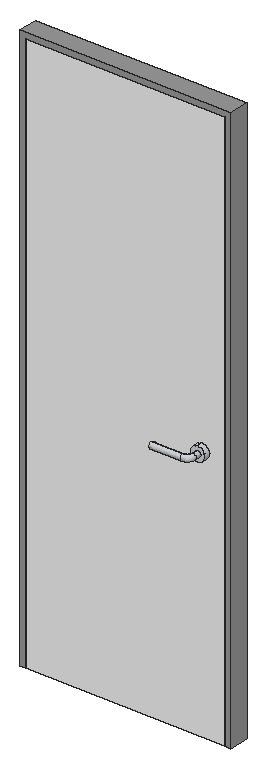
Revit family "- Acero Sinfonia Media Luna", category Doors, host Wall, Revit 2018
Family settings
  Host = Wall
  OmniClass Number = 23.30.10.00
  OmniClass Title = Doors
  Always vertical = Yes
  Cut with Voids When Loaded = No
  Shared = No
  Room Calculation Point = No
Parameters (values of type "- 70 x 200 cm")
  Set de Marcos = ""
  Relleno = ""
  Material Marco = - Perfil Aluminio
  Material Hoja = - Acero
  Manilla = - Manilla
  Hojas = "Simple de Abatir"
  Function = Interior
  Frame Projection Ext. = 2.50 cm
  Frame Projection Int. = 2.50 cm
  Frame Width = 7.50 cm
  Height = 200.00 cm
  Wall Closure = By host
  Width = 74.00 cm
  Distancia a Cara Interior = 6.00 cm
  Bisagras = ""
  Ancho Hoja = Width - 4.00 cm  # 70.00 cm
  Ancho = Width  # 74.00 cm
  Analytic Construction = "<None>"
  Alto = Height  # 200.00 cm
Types (12, lengths in cm): name | Height | Width | Ancho Hoja | Ancho | Alto
  - 70 x 200 cm | 200.00 | 74.00 | 70.00 | 74.00 | 200.00
  - 75 x 200 cm | 200.00 | 79.00 | 75.00 | 79.00 | 200.00
  - 80 x 200 cm | 200.00 | 84.00 | 80.00 | 84.00 | 200.00
  - 85 x 200 cm | 200.00 | 89.00 | 85.00 | 89.00 | 200.00
  - 90 x 200 cm | 200.00 | 94.00 | 90.00 | 94.00 | 200.00
  -100 x 200 cm | 200.00 | 104.00 | 100.00 | 104.00 | 200.00
  - 70 x 210 cm | 210.00 | 74.00 | 70.00 | 74.00 | 210.00
  - 75 x 210 cm | 210.00 | 79.00 | 75.00 | 79.00 | 210.00
  - 80 x 210 cm | 210.00 | 84.00 | 80.00 | 84.00 | 210.00
  - 85 x 210 cm | 210.00 | 89.00 | 85.00 | 89.00 | 210.00
  - 90 x 210 cm | 210.00 | 94.00 | 90.00 | 94.00 | 210.00
  - 100 x 210 cm | 210.00 | 104.00 | 100.00 | 104.00 | 210.00
Reference planes (cm)
  plane 1: y = 0
  plane 2 "Center (Left/Right)": x = 0
  plane 3 "Left": x = -37
  plane 4 "Right": x = 37
  plane 5: z = 200
  plane 6 "Exterior": y = 7.5
  plane 7 "Interior": y = -7.5
  plane 8: y = -1.5
  plane 9: z = 198
  plane 10: x = -35
  plane 11: x = 35
Forms (cm)
  Sweep 1, solid, material "- Perfil Aluminio" <- "Material Marco"
    path origin (0, 7.5, 0) x (1, 0, 0) y (0, 0, 1)
      loop
        line (37, 0) -> (37, 200) -> (-37, 200) -> (-37, 0)
    profile origin (37, 7.5, 100) x (-1, 0, 0) y (0, -1, 0)
      loop
        line (0, 2) -> (3, 2) -> (3, 4.3) -> (2, 4.3) -> (2, 9) -> (0, 9) -> (0, 2)
  Extrusion 2, solid, material "- Acero" <- "Material Hoja"
    sketch origin (0, 0, 0) x (1, 0, 0) y (0, 1, 0)
      loop
        line (-35, -1.5) -> (35, -1.5) -> (35, 3) -> (-35, 3) -> (-35, -1.5)
    from 0 to 198
  Sweep 3, solid, material "- Manilla" <- "Manilla", not visible
    path origin (5.8483, -7.5601, 0) x (1, 0, 0) y (0, 1, 0)
      loop
        line (22.1517, 15.0613) -> (32.1517, 15.0613)
        arc (32.1517, 15.0613) -> (33.5659, 14.4756) -> (34.1517, 13.0613) r 2
        line (34.1517, 13.0613) -> (34.1517, 11.0613)
    profile origin (33, 7.5012, 0) x (0, 1, 0) y (0, 0, 1)
      loop
        circle (0, 90) r 1
  Extrusion 4, solid, material "- Manilla" <- "Manilla", not visible
    sketch origin (0, 7.5, 0) x (1, 0, 0) y (0, 0, 1)
      loop
        circle (40, 90) r 2.5
    from 3.9988 to 5
Lines and regions (cm)
  Opening 1
    outline origin (-305, -7.5, 0) x (1, 0, 0) y (0, 0, 1)
      loop
        line (268, 0) -> (342, 0) -> (342, 200) -> (268, 200) -> (268, 0)
  symbolic lines, style "Elevation Swing"
    curve 1: line (37, -7.5, 100) -> (-37, -7.5, 200)
    curve 2: line (37, -7.5, 100) -> (-37, -7.5, 0)
    curve 7: arc (-30.5, -71.5, 0) -> (16.4246, -49.6941, 0) -> (35.2596, -1.5001, 0) r 69.4706
  symbolic lines
    curve 3: line (-35, -1.5, 0) -> (-35, -71.5, 0)
    curve 4: line (-30.5, -1.5, 0) -> (-35, -1.5, 0)
    curve 5: line (-30.5, -71.5, 0) -> (-30.5, -1.5, 0)
    curve 6: line (-35, -71.5, 0) -> (-30.5, -71.5, 0)
  model lines, not visible
    curve 8: line (-20, 3, 25) -> (20, 3, 25)
    curve 9: line (-20, 3, 65) -> (-20, 3, 25)
    curve 10: line (20, 3, 65) -> (8.6603, 3, 65)
    curve 11: line (20, 3, 25) -> (20, 3, 65)
    curve 12: line (-20, 3, 75) -> (-8.6603, 3, 75)
    curve 13: line (-20, 3, 75) -> (-20, 3, 169.9666)
    curve 14: line (20, 3, 75) -> (20, 3, 169.9666)
    curve 15: arc (-8.6603, 3, 65) -> (0, 3, 60) -> (8.6603, 3, 65) r 10
    curve 16: line (8.6603, 3, 75) -> (20, 3, 75)
    curve 17: line (-8.6603, 3, 65) -> (-20, 3, 65)
    curve 18: arc (8.6603, 3, 75) -> (0, 3, 80) -> (-8.6603, 3, 75) r 10
    curve 19: arc (14.9666, 3, 175) -> (0, 3, 183) -> (-14.9666, 3, 175) r 18
    curve 20: arc (-20, 3, 169.9666) -> (-16.4409, 3, 171.4409) -> (-14.9666, 3, 175) r 5.0334
    curve 21: arc (14.9666, 3, 175) -> (16.4409, 3, 171.4409) -> (20, 3, 169.9666) r 5.0334
    curve 22: line (-9.2195, 3, 64) -> (-19, 3, 64)
    curve 23: line (-19, 3, 64) -> (-19, 3, 26)
    curve 24: arc (9.2195, 3, 64) -> (0, 3, 59) -> (-9.2195, 3, 64) r 11
    curve 25: line (19, 3, 64) -> (9.2195, 3, 64)
    curve 26: line (19, 3, 26) -> (19, 3, 64)
    curve 27: line (-19, 3, 26) -> (19, 3, 26)
    curve 28: line (-18.9928, 3, 168.9932) -> (-18.9928, 3, 76)
    curve 29: arc (-13.9941, 3, 174.9045) -> (-15.4113, 3, 171.0338) -> (-18.9928, 3, 168.9932) r 5.9946
    curve 30: arc (13.9971, 3, 174.7848) -> (0.0327, 3, 182.1538) -> (-13.9941, 3, 174.9045) r 17.0542
    curve 31: arc (19, 3, 169.1276) -> (15.4988, 3, 171.072) -> (13.9971, 3, 174.7848) r 6.0089
    curve 32: line (19, 3, 76) -> (19, 3, 169.1276)
    curve 33: line (9.2195, 3, 76) -> (19, 3, 76)
    curve 34: arc (-9.2195, 3, 76) -> (0, 3, 81) -> (9.2195, 3, 76) r 11
    curve 35: line (-18.9928, 3, 76) -> (-9.2195, 3, 76)
    curve 36: arc (12.052, 3, 174.0667) -> (0.0498, 3, 180.1537) -> (-12.0243, 3, 174.2107) r 15.0542
    curve 37: arc (-12.0243, 3, 174.2107) -> (-13.561, 3, 170.1508) -> (-16.9928, 3, 167.4925) r 7.9946
    curve 38: line (-16.9928, 3, 167.4925) -> (-16.9928, 3, 78)
    curve 39: line (17, 3, 78) -> (17, 3, 167.6269)
    curve 40: arc (17, 3, 167.6269) -> (13.6492, 3, 170.1731) -> (12.052, 3, 174.0667) r 8.0089
    curve 41: line (-16.9928, 3, 78) -> (-10.247, 3, 78)
    curve 42: arc (-10.247, 3, 78) -> (0, 3, 83) -> (10.247, 3, 78) r 13
    curve 43: line (10.247, 3, 78) -> (17, 3, 78)
    curve 44: line (-10.247, 3, 62) -> (-17, 3, 62)
    curve 45: arc (10.247, 3, 62) -> (0, 3, 57) -> (-10.247, 3, 62) r 13
    curve 46: line (17, 3, 62) -> (10.247, 3, 62)
    curve 47: line (17, 3, 28) -> (17, 3, 62)
    curve 48: line (-17, 3, 28) -> (17, 3, 28)
    curve 49: line (-17, 3, 62) -> (-17, 3, 28)
    curve 50: line (-314, -1.5, 25) -> (-274, -1.5, 25)
    curve 51: line (-314, -1.5, 65) -> (-314, -1.5, 25)
    curve 52: line (-274, -1.5, 25) -> (-274, -1.5, 65)
    curve 53: line (-314, -1.5, 70) -> (-274, -1.5, 70)
    curve 54: line (-314, -1.5, 70) -> (-314, -1.5, 87)
    curve 55: line (-274, -1.5, 70) -> (-274, -1.5, 87)
    curve 56: line (-274, -1.5, 65) -> (-314, -1.5, 65)
    curve 57: line (-275, -1.5, 64) -> (-313, -1.5, 64)
    curve 58: line (-313, -1.5, 64) -> (-313, -1.5, 26)
    curve 59: line (-275, -1.5, 26) -> (-275, -1.5, 64)
    curve 60: line (-313, -1.5, 26) -> (-275, -1.5, 26)
    curve 61: line (-312.9928, -1.5, 86) -> (-312.9928, -1.5, 71)
    curve 62: line (-275, -1.5, 71) -> (-275, -1.5, 86)
    curve 63: line (-312.9928, -1.5, 71) -> (-275, -1.5, 71)
    curve 64: line (-310.9928, -1.5, 84) -> (-310.9928, -1.5, 73)
    curve 65: line (-277, -1.5, 73) -> (-277, -1.5, 84)
    curve 66: line (-310.9928, -1.5, 73) -> (-277, -1.5, 73)
    curve 67: line (-277, -1.5, 62) -> (-311, -1.5, 62)
    curve 68: line (-277, -1.5, 28) -> (-277, -1.5, 62)
    curve 69: line (-311, -1.5, 28) -> (-277, -1.5, 28)
    curve 70: line (-311, -1.5, 62) -> (-311, -1.5, 28)
    curve 71: line (-310.9928, -1.5, 84) -> (-277, -1.5, 84)
    curve 72: line (-314, -1.5, 87) -> (-274, -1.5, 87)
    curve 73: line (-312.9928, -1.5, 86) -> (-275, -1.5, 86)
    curve 74: line (-310.9928, -1.5, 84) -> (-277, -1.5, 84)
    curve 75: line (-314, -1.5, 97) -> (-274, -1.5, 97)
    curve 76: line (-314, -1.5, 185) -> (-314, -1.5, 97)
    curve 77: line (-274, -1.5, 97) -> (-274, -1.5, 185)
    curve 78: line (-274, -1.5, 185) -> (-314, -1.5, 185)
    curve 79: line (-275, -1.5, 184) -> (-313, -1.5, 184)
    curve 80: line (-313, -1.5, 184) -> (-313, -1.5, 98)
    curve 81: line (-275, -1.5, 98) -> (-275, -1.5, 184)
    curve 82: line (-313, -1.5, 98) -> (-275, -1.5, 98)
    curve 83: line (-277, -1.5, 182) -> (-311, -1.5, 182)
    curve 84: line (-277, -1.5, 100) -> (-277, -1.5, 182)
    curve 85: line (-311, -1.5, 100) -> (-277, -1.5, 100)
    curve 86: line (-311, -1.5, 182) -> (-311, -1.5, 100)
    curve 87: line (-320, 3, 25) -> (-280, 3, 25)
    curve 88: line (-320, 3, 65) -> (-320, 3, 25)
    curve 89: line (-280, 3, 25) -> (-280, 3, 65)
    curve 90: line (-320, 3, 72.5) -> (-280, 3, 72.5)
    curve 91: line (-280, 3, 65) -> (-320, 3, 65)
    curve 92: line (-281, 3, 64) -> (-319, 3, 64)
    curve 93: line (-319, 3, 64) -> (-319, 3, 26)
    curve 94: line (-281, 3, 26) -> (-281, 3, 64)
    curve 95: line (-319, 3, 26) -> (-281, 3, 26)
    curve 96: line (-319, 3, 73.5) -> (-281, 3, 73.5)
    curve 97: line (-317, 3, 75.5) -> (-283, 3, 75.5)
    curve 98: line (-283, 3, 62) -> (-317, 3, 62)
    curve 99: line (-283, 3, 28) -> (-283, 3, 62)
    curve 100: line (-317, 3, 28) -> (-283, 3, 28)
    curve 101: line (-317, 3, 62) -> (-317, 3, 28)
    curve 102: line (-320, 3, 179.3431) -> (-320, 3, 72.5)
    curve 103: line (-280, 3, 72.5) -> (-280, 3, 179.3431)
    curve 104: line (-319, 3, 178.3431) -> (-319, 3, 73.5)
    curve 105: line (-281, 3, 73.5) -> (-281, 3, 178.3431)
    curve 106: line (-283, 3, 75.5) -> (-283, 3, 176.3431)
    curve 107: line (-317, 3, 176.3431) -> (-317, 3, 75.5)
    curve 108: arc (-292, 3, 181) -> (-300, 3, 185) -> (-308, 3, 181) r 10
    curve 109: arc (-292, 3, 181) -> (-290.1648, 3, 179.7737) -> (-288, 3, 179.3431) r 5.6569
    curve 110: arc (-308, 3, 181) -> (-309.8352, 3, 179.7737) -> (-312, 3, 179.3431) r 5.6569
    curve 111: line (-288, 3, 179.3431) -> (-280, 3, 179.3431)
    curve 112: line (-312, 3, 179.3431) -> (-320, 3, 179.3431)
    curve 113: line (-281, 3, 178.3431) -> (-288, 3, 178.3431)
    curve 114: arc (-288, 3, 178.3431) -> (-290.5825, 3, 178.8645) -> (-292.7604, 3, 180.3468) r 6.6569
    curve 115: arc (-292.7604, 3, 180.3468) -> (-300, 3, 184) -> (-307.2396, 3, 180.3468) r 9
    curve 116: arc (-307.2396, 3, 180.3468) -> (-309.4175, 3, 178.8645) -> (-312, 3, 178.3431) r 6.6569
    curve 117: line (-312, 3, 178.3431) -> (-319, 3, 178.3431)
    curve 118: line (-283, 3, 176.3431) -> (-288, 3, 176.3431)
    curve 119: arc (-288, 3, 176.3431) -> (-291.43, 3, 177.0516) -> (-294.2985, 3, 179.0611) r 8.6569
    curve 120: arc (-294.2985, 3, 179.0611) -> (-300, 3, 182) -> (-305.7015, 3, 179.0611) r 7
    curve 121: arc (-305.7015, 3, 179.0611) -> (-308.57, 3, 177.0516) -> (-312, 3, 176.3431) r 8.6569
    curve 122: line (-312, 3, 176.3431) -> (-317, 3, 176.3431)
    curve 123: line (-23, -1.5, 25) -> (-5, -1.5, 25)
    curve 124: line (-23, -1.5, 65) -> (-23, -1.5, 25)
    curve 125: line (-5, -1.5, 25) -> (-5, -1.5, 65)
    curve 126: line (-23, -1.5, 72.5) -> (-5, -1.5, 72.5)
    curve 127: line (-5, -1.5, 65) -> (-23, -1.5, 65)
    curve 128: line (-6, -1.5, 64) -> (-22, -1.5, 64)
    curve 129: line (-22, -1.5, 64) -> (-22, -1.5, 26)
    curve 130: line (-6, -1.5, 26) -> (-6, -1.5, 64)
    curve 131: line (-22, -1.5, 26) -> (-6, -1.5, 26)
    curve 132: line (-22, -1.5, 73.5) -> (-6, -1.5, 73.5)
    curve 133: line (-20, -1.5, 75.5) -> (-8, -1.5, 75.5)
    curve 134: line (-8, -1.5, 62) -> (-20, -1.5, 62)
    curve 135: line (-8, -1.5, 28) -> (-8, -1.5, 62)
    curve 136: line (-20, -1.5, 28) -> (-8, -1.5, 28)
    curve 137: line (-20, -1.5, 62) -> (-20, -1.5, 28)
    curve 138: line (-23, -1.5, 179.3431) -> (-23, -1.5, 72.5)
    curve 139: line (-22, -1.5, 178.3431) -> (-22, -1.5, 73.5)
    curve 140: line (-20, -1.5, 176.3431) -> (-20, -1.5, 75.5)
    curve 141: arc (-16, -1.5, 181) -> (-17.8352, -1.5, 179.7737) -> (-20, -1.5, 179.3431) r 5.6569
    curve 142: arc (-15.2396, -1.5, 180.3468) -> (-17.4175, -1.5, 178.8645) -> (-20, -1.5, 178.3431) r 6.6569
    curve 143: arc (-13.7015, -1.5, 179.0611) -> (-16.57, -1.5, 177.0516) -> (-20, -1.5, 176.3431) r 8.6569
    curve 144: arc (-8, -1.5, 185) -> (-12.4721, -1.5, 183.9443) -> (-16, -1.5, 181) r 10
    curve 145: arc (-8, -1.5, 184) -> (-12.0545, -1.5, 183.035) -> (-15.2396, -1.5, 180.3468) r 9
    curve 146: arc (-8, -1.5, 182) -> (-11.2072, -1.5, 181.2221) -> (-13.7015, -1.5, 179.0611) r 7
    curve 147: line (-23, -1.5, 179.3431) -> (-20, -1.5, 179.3431)
    curve 148: line (-20, -1.5, 178.3431) -> (-22, -1.5, 178.3431)
    curve 149: line (-5, -1.5, 185) -> (-5, -1.5, 72.5)
    curve 150: line (-6, -1.5, 184) -> (-6, -1.5, 73.5)
    curve 151: line (-8, -1.5, 182) -> (-8, -1.5, 75.5)
    curve 152: line (-8, -1.5, 185) -> (-5, -1.5, 185)
    curve 153: line (-6, -1.5, 184) -> (-8, -1.5, 184)
    curve 154: line (23, -1.5, 72.5) -> (5, -1.5, 72.5)
    curve 155: line (22, -1.5, 73.5) -> (6, -1.5, 73.5)
    curve 156: line (20, -1.5, 75.5) -> (8, -1.5, 75.5)
    curve 157: line (23, -1.5, 179.3431) -> (23, -1.5, 72.5)
    curve 158: line (22, -1.5, 178.3431) -> (22, -1.5, 73.5)
    curve 159: line (20, -1.5, 176.3431) -> (20, -1.5, 75.5)
    curve 160: arc (16, -1.5, 181) -> (17.8352, -1.5, 179.7737) -> (20, -1.5, 179.3431) r 5.6569
    curve 161: arc (15.2396, -1.5, 180.3468) -> (17.4175, -1.5, 178.8645) -> (20, -1.5, 178.3431) r 6.6569
    curve 162: arc (13.7015, -1.5, 179.0611) -> (16.57, -1.5, 177.0516) -> (20, -1.5, 176.3431) r 8.6569
    curve 163: arc (8, -1.5, 185) -> (12.4721, -1.5, 183.9443) -> (16, -1.5, 181) r 10
    curve 164: arc (8, -1.5, 184) -> (12.0545, -1.5, 183.035) -> (15.2396, -1.5, 180.3468) r 9
    curve 165: arc (8, -1.5, 182) -> (11.2072, -1.5, 181.2221) -> (13.7015, -1.5, 179.0611) r 7
    curve 166: line (23, -1.5, 179.3431) -> (20, -1.5, 179.3431)
    curve 167: line (20, -1.5, 178.3431) -> (22, -1.5, 178.3431)
    curve 168: line (5, -1.5, 185) -> (5, -1.5, 72.5)
    curve 169: line (6, -1.5, 184) -> (6, -1.5, 73.5)
    curve 170: line (8, -1.5, 182) -> (8, -1.5, 75.5)
    curve 171: line (8, -1.5, 185) -> (5, -1.5, 185)
    curve 172: line (6, -1.5, 184) -> (8, -1.5, 184)
    curve 173: line (5, -1.5, 25) -> (23, -1.5, 25)
    curve 174: line (5, -1.5, 65) -> (5, -1.5, 25)
    curve 175: line (23, -1.5, 25) -> (23, -1.5, 65)
    curve 176: line (23, -1.5, 65) -> (5, -1.5, 65)
    curve 177: line (22, -1.5, 64) -> (6, -1.5, 64)
    curve 178: line (6, -1.5, 64) -> (6, -1.5, 26)
    curve 179: line (22, -1.5, 26) -> (22, -1.5, 64)
    curve 180: line (6, -1.5, 26) -> (22, -1.5, 26)
    curve 181: line (20, -1.5, 62) -> (8, -1.5, 62)
    curve 182: line (20, -1.5, 28) -> (20, -1.5, 62)
    curve 183: line (8, -1.5, 28) -> (20, -1.5, 28)
    curve 184: line (8, -1.5, 62) -> (8, -1.5, 28)
    curve 192: line (373, 3, 99) -> (355, 3, 99)
    curve 193: line (373, 3, 158.998) -> (373, 3, 99)
    curve 194: line (373, 3, 158.998) -> (355, 3, 158.998)
    curve 195: line (355, 3, 25) -> (373, 3, 25)
    curve 196: line (355, 3, 85) -> (355, 3, 25)
    curve 197: line (373, 3, 25) -> (373, 3, 85)
    curve 198: line (373, 3, 85) -> (355, 3, 85)
    curve 211: line (355, 3, 158.998) -> (355, 3, 99)
    curve 212: line (373, 3, 158.998) -> (355, 3, 158.998)
    curve 213: line (327, 3, 99) -> (345, 3, 99)
    curve 214: line (327, 3, 158.998) -> (327, 3, 99)
    curve 215: line (327, 3, 158.998) -> (345, 3, 158.998)
    curve 216: line (345, 3, 25) -> (327, 3, 25)
    curve 217: line (345, 3, 85) -> (345, 3, 25)
    curve 218: line (327, 3, 25) -> (327, 3, 85)
    curve 219: line (327, 3, 85) -> (345, 3, 85)
    curve 220: line (345, 3, 158.998) -> (345, 3, 99)
    curve 221: line (327, 3, 158.998) -> (345, 3, 158.998)
    curve 222: line (327, 3, 168.998) -> (373, 3, 168.998)
    curve 242: line (369, -1.5, 99) -> (351, -1.5, 99)
    curve 243: line (369, -1.5, 158.998) -> (369, -1.5, 99)
    curve 244: line (369, -1.5, 158.998) -> (351, -1.5, 158.998)
    curve 245: line (351, -1.5, 25) -> (369, -1.5, 25)
    curve 246: line (351, -1.5, 85) -> (351, -1.5, 25)
    curve 247: line (369, -1.5, 25) -> (369, -1.5, 85)
    curve 248: line (369, -1.5, 85) -> (351, -1.5, 85)
    curve 249: line (351, -1.5, 158.998) -> (351, -1.5, 99)
    curve 250: line (369, -1.5, 158.998) -> (351, -1.5, 158.998)
    curve 251: line (369, -1.5, 168.998) -> (323, -1.5, 168.998)
    curve 252: line (323, -1.5, 99) -> (341, -1.5, 99)
    curve 253: line (323, -1.5, 158.998) -> (323, -1.5, 99)
    curve 254: line (323, -1.5, 158.998) -> (341, -1.5, 158.998)
    curve 255: line (341, -1.5, 25) -> (323, -1.5, 25)
    curve 256: line (341, -1.5, 85) -> (341, -1.5, 25)
    curve 257: line (323, -1.5, 25) -> (323, -1.5, 85)
    curve 258: line (323, -1.5, 85) -> (341, -1.5, 85)
    curve 259: line (341, -1.5, 158.998) -> (341, -1.5, 99)
    curve 260: line (323, -1.5, 158.998) -> (341, -1.5, 158.998)
    curve 263: arc (369, -1.5, 168.998) -> (346, -1.5, 191.998) -> (323, -1.5, 168.998) r 23
    curve 264: line (346, -1.5, 168.998) -> (341, -1.5, 168.998)
    curve 266: arc (373, 3, 168.998) -> (350, 3, 191.998) -> (327, 3, 168.998) r 23
  model lines
    curve 185: line (23, 3, 99) -> (5, 3, 99)
    curve 186: line (23, 3, 158.998) -> (23, 3, 99)
    curve 187: line (23, 3, 158.998) -> (5, 3, 158.998)
    curve 188: line (5, 3, 25) -> (23, 3, 25)
    curve 189: line (5, 3, 85) -> (5, 3, 25)
    curve 190: line (23, 3, 25) -> (23, 3, 85)
    curve 191: line (23, 3, 85) -> (5, 3, 85)
    curve 199: line (5, 3, 158.998) -> (5, 3, 99)
    curve 200: line (23, 3, 158.998) -> (5, 3, 158.998)
    curve 201: line (-23, 3, 99) -> (-5, 3, 99)
    curve 202: line (-23, 3, 158.998) -> (-23, 3, 99)
    curve 203: line (-23, 3, 158.998) -> (-5, 3, 158.998)
    curve 204: line (-5, 3, 25) -> (-23, 3, 25)
    curve 205: line (-5, 3, 85) -> (-5, 3, 25)
    curve 206: line (-23, 3, 25) -> (-23, 3, 85)
    curve 207: line (-23, 3, 85) -> (-5, 3, 85)
    curve 208: line (-5, 3, 158.998) -> (-5, 3, 99)
    curve 209: line (-23, 3, 158.998) -> (-5, 3, 158.998)
    curve 210: line (-23, 3, 168.998) -> (23, 3, 168.998)
    curve 223: line (22.5, -1.5, 99) -> (4.5, -1.5, 99)
    curve 224: line (22.5, -1.5, 158.998) -> (22.5, -1.5, 99)
    curve 225: line (22.5, -1.5, 158.998) -> (4.5, -1.5, 158.998)
    curve 226: line (4.5, -1.5, 25) -> (22.5, -1.5, 25)
    curve 227: line (4.5, -1.5, 85) -> (4.5, -1.5, 25)
    curve 228: line (22.5, -1.5, 25) -> (22.5, -1.5, 85)
    curve 229: line (22.5, -1.5, 85) -> (4.5, -1.5, 85)
    curve 230: line (4.5, -1.5, 158.998) -> (4.5, -1.5, 99)
    curve 231: line (22.5, -1.5, 158.998) -> (4.5, -1.5, 158.998)
    curve 232: line (22.5, -1.5, 168.998) -> (-23.5, -1.5, 168.998)
    curve 233: line (-23.5, -1.5, 99) -> (-5.5, -1.5, 99)
    curve 234: line (-23.5, -1.5, 158.998) -> (-23.5, -1.5, 99)
    curve 235: line (-23.5, -1.5, 158.998) -> (-5.5, -1.5, 158.998)
    curve 236: line (-5.5, -1.5, 25) -> (-23.5, -1.5, 25)
    curve 237: line (-5.5, -1.5, 85) -> (-5.5, -1.5, 25)
    curve 238: line (-23.5, -1.5, 25) -> (-23.5, -1.5, 85)
    curve 239: line (-23.5, -1.5, 85) -> (-5.5, -1.5, 85)
    curve 240: line (-5.5, -1.5, 158.998) -> (-5.5, -1.5, 99)
    curve 241: line (-23.5, -1.5, 158.998) -> (-5.5, -1.5, 158.998)
    curve 261: arc (22.5, -1.5, 168.998) -> (-0.5, -1.5, 191.998) -> (-23.5, -1.5, 168.998) r 23
    curve 262: line (-0.5, -1.5, 168.998) -> (-5.5, -1.5, 168.998)
    curve 265: arc (23, 3, 168.998) -> (0, 3, 191.998) -> (-23, 3, 168.998) r 23
Text (cm)
  text "Exterior" at (-229.5016, 109.9543, 0), in view "Ref. Level"
  text "Exterior" at (0, 161.538, 369.8081), in view "Left"
  text "Exterior" at (0, 103.6032, 387.4932), in view "Right"
Dimensions and locks (cm)
  equal spacing: plane 3 "Left", plane 2 "Center (Left/Right)", plane 4 "Right"
  "Width": plane 3 "Left" to plane 4 "Right"
  "Height": plane 5 to host wall
  equal spacing: host wall, curve 2, plane 5
  host wall to plane 5 = 200.00 cm
  locked: plane 6 "Exterior" to host wall at 0
  locked: plane 7 "Interior" to host wall
  "Distancia a Cara Interior": plane 7 "Interior" to plane 8
  locked: Sweep 1 sketch curve to Sweep 1 sketch curve at 7
  locked: plane 9 to plane 5 at 2
  locked: curve 3 to curve 5 at 4.5
  locked: plane 3 "Left" to plane 10 at 2
  locked: plane 11 to plane 4 "Right" at 2
  "Ancho Hoja": curve 6 to curve 4
  locked: Extrusion 2 sketch curve to Extrusion 2 sketch curve at 4.5
  locked: nested 1 to plane 4 "Right" at 10
  level to nested 1 = 90.00 cm
  locked: nested 2 to plane 4 "Right" at 10
  locked: nested 2 to level at 90
  locked: Sweep 1 sketch curve to Sweep 1 sketch curve at 2.3
  locked: plane 2 "Center (Left/Right)" to curve 206 at 23
  locked: curve 228 to plane 2 "Center (Left/Right)" at 22.5
  locked: curve 261 to Extrusion 2 at 191.998
  locked: Extrusion 2 to curve 265 at 191.998
  aligned and locked: plane 3 "Left" to Opening 1 sketch curve
  aligned and locked: plane 5 to Opening 1 sketch curve  (x2)
  aligned and locked: Opening 1 sketch curve to plane 4 "Right"
  aligned and locked: Opening 1 sketch curve to level
  aligned and locked: plane 5 to curve 1
  aligned and locked: plane 3 "Left" to curve 2
  aligned and locked: plane 1 to host wall
  aligned and locked: plane 3 "Left" to curve 1
  aligned and locked: plane 8 to Sweep 1 sketch curve
  aligned and locked: Extrusion 2 sketch curve to plane 8
  aligned and locked: Sweep 1 to level
  aligned and locked: plane 10 to curve 3
  aligned and locked: Sweep 3 to Extrusion 4
  aligned and locked: Extrusion 2 to plane 9
Automatic sketch dimensions
  plane 4 "Right" to curve 2 = 0.00 cm
  curve 2 to level = 0.00 cm
  plane 3 "Left" to Sweep 1 sketch curve = 0.00 cm
  plane 4 "Right" to Sweep 1 sketch curve = 0.00 cm
  Sweep 1 sketch curve to level = 0.00 cm  (x2)
  Sweep 1 sketch curve to plane 5 = 0.00 cm
  Sweep 1 sketch curve to profile plane = 0.00 cm
  Sweep 1 sketch curve to profile plane = 2.00 cm
  Sweep 1 sketch curve to Sweep 1 sketch curve = 1.00 cm
  curve 7 to plane 8 = 0.0001 cm
  curve 7 to plane 11 = 0.2596 cm
  curve 4 to plane 8 = 0.00 cm
  curve 7 to plane 10 = 0.7919 cm
  Sweep 3 sketch curve to Sweep 3 sketch curve = 10.00 cm
  Sweep 3 sketch curve to Sweep 3 sketch curve = 2.00 cm  (x2)
  Sweep 3 sketch curve to profile plane = 0.00 cm
  profile plane to Sweep 3 sketch curve = 90.00 cm
  Extrusion 2 sketch curve to plane 10 = 0.00 cm
  Extrusion 2 sketch curve to plane 11 = 0.00 cm
  curve 15 to curve 18 = 0.00 cm  (x4)
  curve 15 to curve 24 = 0.00 cm  (x4)
  curve 15 to curve 34 = 0.00 cm  (x4)
  curve 15 to curve 42 = 0.00 cm  (x4)
  curve 15 to curve 45 = 0.00 cm  (x4)
  curve 29 to curve 37 = 0.00 cm  (x4)
  curve 30 to curve 36 = 0.00 cm  (x4)
  curve 31 to curve 40 = 0.00 cm  (x4)
  curve 8 to curve 31 = 0.00 cm
  curve 21 to curve 31 = 0.00 cm
  curve 14 to curve 32 = 1.00 cm
  curve 10 to curve 26 = 1.00 cm
  curve 26 to curve 47 = 2.00 cm
  curve 32 to curve 39 = 2.00 cm
  curve 46 to curve 46 = 6.753 cm
  curve 39 to curve 43 = 6.753 cm
  curve 42 to curve 33 = 1.0274 cm
  curve 45 to curve 25 = 1.0274 cm
  curve 33 to curve 16 = 0.5593 cm
  curve 24 to curve 10 = 0.5593 cm
  curve 16 to curve 24 = 8.6603 cm
  curve 39 to curve 19 = 17.00 cm
  curve 19 to curve 36 = 0.0402 cm
  curve 15 to curve 12 = 8.6603 cm
  curve 15 to curve 17 = 8.6603 cm
  curve 15 to curve 22 = 0.5593 cm
  curve 12 to curve 35 = 0.5593 cm
  curve 22 to curve 44 = 1.0274 cm
  curve 34 to curve 41 = 1.0274 cm
  curve 41 to curve 38 = 6.7459 cm
  curve 47 to curve 48 = 34.00 cm
  curve 38 to curve 35 = 2.00 cm
  curve 44 to curve 22 = 2.00 cm
  curve 28 to curve 29 = 0.9959 cm
  curve 29 to curve 20 = 0.0113 cm
  curve 22 to curve 17 = 1.00 cm
  curve 8 to curve 26 = 1.00 cm
  curve 23 to curve 49 = 2.00 cm
  curve 48 to curve 49 = 34.00 cm
  curve 45 to curve 25 = 2.00 cm
  curve 25 to curve 10 = 1.00 cm
  curve 10 to curve 45 = 5.00 cm
  curve 10 to curve 16 = 10.00 cm
  curve 12 to curve 35 = 1.00 cm
  curve 34 to curve 41 = 2.00 cm
  curve 41 to curve 19 = 87.00 cm
  curve 19 to curve 30 = 0.0997 cm
  curve 36 to curve 38 = 2.3928 cm
  curve 19 to curve 39 = 2.6269 cm
  curve 37 to curve 28 = 1.5007 cm
  curve 39 to curve 32 = 1.5007 cm
  curve 28 to curve 13 = 0.9734 cm
  curve 31 to curve 14 = 0.839 cm
  curve 13 to curve 29 = 4.9378 cm
  curve 29 to curve 20 = 0.0955 cm
  curve 21 to curve 40 = 0.0527 cm
  curve 31 to curve 36 = 1.9451 cm
  curve 55 to curve 62 = 1.4142 cm
  curve 59 to curve 68 = 2.8284 cm
  curve 62 to curve 65 = 2.8284 cm
  curve 53 to curve 63 = 1.4142 cm
  curve 57 to curve 67 = 2.8284 cm
  curve 66 to curve 64 = 33.9928 cm
  curve 68 to curve 69 = 34.00 cm
  curve 64 to curve 63 = 2.8284 cm
  curve 67 to curve 57 = 2.8284 cm
  curve 57 to curve 56 = 1.4142 cm
  curve 50 to curve 59 = 1.4142 cm
  curve 58 to curve 70 = 2.8284 cm
  curve 69 to curve 70 = 34.00 cm  (x2)
  curve 53 to curve 63 = 1.4193 cm
  curve 65 to curve 62 = 2.8284 cm
  curve 61 to curve 54 = 1.4193 cm
  curve 18 to curve 24 = 0.00 cm  (x2)
  curve 18 to curve 34 = 0.00 cm  (x2)
  curve 18 to curve 42 = 0.00 cm  (x2)
  curve 18 to curve 45 = 0.00 cm  (x2)
  curve 24 to curve 34 = 0.00 cm  (x2)
  curve 24 to curve 42 = 0.00 cm  (x2)
  curve 24 to curve 45 = 0.00 cm  (x2)
  curve 34 to curve 42 = 0.00 cm  (x2)
  curve 34 to curve 45 = 0.00 cm  (x2)
  curve 42 to curve 45 = 0.00 cm  (x2)
  curve 72 to curve 51 = 0.00 cm
  curve 75 to curve 54 = 0.00 cm
  curve 76 to curve 79 = 1.00 cm
  curve 51 to curve 57 = 1.00 cm
  curve 53 to curve 63 = 1.0072 cm
  curve 79 to curve 86 = 2.00 cm
  curve 58 to curve 70 = 2.00 cm
  curve 61 to curve 66 = 2.00 cm
  curve 64 to curve 65 = 33.9928 cm
  curve 69 to curve 69 = 34.00 cm
  curve 85 to curve 65 = 0.00 cm
  curve 68 to curve 60 = 2.00 cm
  curve 65 to curve 63 = 2.00 cm
  curve 84 to curve 82 = 2.00 cm
  curve 62 to curve 55 = 1.00 cm
  curve 57 to curve 56 = 1.00 cm  (x2)
  curve 79 to curve 78 = 1.00 cm  (x2)
  curve 50 to curve 59 = 1.00 cm
  curve 59 to curve 68 = 2.00 cm
  curve 67 to curve 57 = 2.00 cm
  curve 52 to curve 53 = 5.00 cm
  curve 53 to curve 63 = 1.00 cm
  curve 62 to curve 66 = 2.00 cm
  curve 65 to curve 71 = 11.00 cm
  curve 65 to curve 62 = 2.00 cm
  curve 62 to curve 72 = 1.00 cm
  curve 55 to curve 75 = 10.00 cm
  curve 75 to curve 82 = 1.00 cm
  curve 81 to curve 84 = 2.00 cm
  curve 84 to curve 84 = 82.00 cm
  curve 83 to curve 79 = 2.00 cm
  curve 87 to curve 90 = 0.00 cm
  curve 103 to curve 105 = 1.00 cm
  curve 89 to curve 92 = 1.00 cm
  curve 105 to curve 106 = 2.00 cm
  curve 92 to curve 99 = 2.00 cm
  curve 98 to curve 98 = 34.00 cm
  curve 106 to curve 107 = 34.00 cm
  curve 97 to curve 96 = 2.00 cm
  curve 98 to curve 92 = 2.00 cm
  curve 96 to curve 102 = 1.00 cm
  curve 92 to curve 91 = 1.00 cm
  curve 87 to curve 94 = 1.00 cm
  curve 94 to curve 99 = 2.00 cm
  curve 100 to curve 101 = 34.00 cm
  curve 98 to curve 93 = 2.00 cm
  curve 92 to curve 89 = 1.00 cm
  curve 89 to curve 103 = 7.50 cm
  curve 90 to curve 105 = 1.00 cm
  curve 96 to curve 106 = 2.00 cm
  curve 97 to curve 107 = 100.8431 cm
  curve 106 to curve 107 = 0.00 cm
  curve 106 to curve 105 = 2.00 cm
  curve 105 to curve 103 = 1.00 cm
  curve 108 to curve 115 = 0.00 cm  (x4)
  curve 108 to curve 120 = 0.00 cm  (x4)
  curve 109 to curve 114 = 0.00 cm  (x3)
  curve 109 to curve 119 = 0.00 cm  (x4)
  curve 110 to curve 116 = 0.00 cm  (x3)
  curve 110 to curve 121 = 0.00 cm  (x3)
  curve 114 to curve 119 = 0.00 cm  (x3)
  curve 116 to curve 121 = 0.00 cm  (x4)
  curve 106 to curve 111 = 5.00 cm
  curve 118 to curve 115 = 12.00 cm
  curve 110 to curve 104 = 7.00 cm
  curve 115 to curve 106 = 1.3431 cm
  curve 122 to curve 117 = 2.00 cm
  curve 117 to curve 112 = 1.00 cm
  curve 110 to curve 121 = 5.6569 cm
  curve 111 to curve 109 = 5.6569 cm
  curve 109 to curve 109 = 4.00 cm
  curve 108 to curve 115 = 0.7604 cm
  curve 115 to curve 119 = 1.5381 cm
  curve 115 to curve 120 = 0.00 cm  (x2)
  curve 125 to curve 128 = 1.4142 cm
  curve 128 to curve 135 = 2.8284 cm
  curve 134 to curve 134 = 12.00 cm  (x2)
  curve 133 to curve 132 = 2.8284 cm
  curve 134 to curve 128 = 2.8284 cm
  curve 132 to curve 138 = 1.4142 cm
  curve 128 to curve 127 = 1.4142 cm
  curve 123 to curve 130 = 1.4142 cm
  curve 130 to curve 135 = 2.8284 cm
  curve 136 to curve 137 = 34.00 cm
  curve 134 to curve 129 = 2.8284 cm
  curve 128 to curve 125 = 1.4142 cm
  curve 133 to curve 140 = 100.8431 cm
  curve 140 to curve 139 = 2.8284 cm
  curve 139 to curve 138 = 1.4142 cm
  curve 141 to curve 142 = 0.00 cm  (x6)
  curve 141 to curve 143 = 0.00 cm  (x6)
  curve 141 to curve 142 = 1.0024 cm
  curve 145 to curve 143 = 2.0047 cm
  curve 142 to curve 143 = 0.00 cm  (x4)
  curve 144 to curve 145 = 0.00 cm  (x2)
  curve 144 to curve 146 = 0.00 cm  (x2)
  curve 145 to curve 146 = 0.00 cm  (x2)
  curve 160 to curve 161 = 0.00 cm  (x2)
  curve 160 to curve 162 = 0.00 cm  (x2)
  curve 161 to curve 162 = 0.00 cm  (x2)
  curve 163 to curve 164 = 0.00 cm  (x2)
  curve 163 to curve 165 = 0.00 cm  (x2)
  curve 164 to curve 165 = 0.00 cm  (x2)
  curve 138 to curve 124 = 0.00 cm
  curve 138 to curve 148 = 1.00 cm
  curve 124 to curve 128 = 1.00 cm
  curve 139 to curve 147 = 2.00 cm
  curve 128 to curve 134 = 2.00 cm
  curve 133 to curve 133 = 12.00 cm
  curve 133 to curve 132 = 2.00 cm
  curve 135 to curve 131 = 2.00 cm
  curve 150 to curve 149 = 1.00 cm
  curve 128 to curve 125 = 1.00 cm
  curve 126 to curve 168 = 10.00 cm
  curve 123 to curve 173 = 10.00 cm
  curve 173 to curve 178 = 1.00 cm
  curve 168 to curve 169 = 1.00 cm
  curve 169 to curve 172 = 2.00 cm
  curve 177 to curve 184 = 2.00 cm
  curve 183 to curve 183 = 12.00 cm
  curve 163 to curve 159 = 12.00 cm
  curve 167 to curve 167 = 2.00 cm
  curve 182 to curve 179 = 2.00 cm
  curve 158 to curve 157 = 1.00 cm  (x2)
  curve 177 to curve 176 = 1.00 cm
  curve 173 to curve 123 = 0.00 cm
  curve 173 to curve 180 = 1.00 cm
  curve 123 to curve 131 = 1.00 cm
  curve 179 to curve 182 = 2.00 cm
  curve 129 to curve 137 = 2.00 cm
  curve 136 to curve 134 = 34.00 cm
  curve 184 to curve 134 = 0.00 cm
  curve 181 to curve 177 = 2.00 cm
  curve 134 to curve 129 = 2.00 cm
  curve 128 to curve 127 = 1.00 cm
  curve 177 to curve 174 = 1.00 cm
  curve 125 to curve 126 = 7.50 cm
  curve 174 to curve 168 = 7.50 cm
  curve 154 to curve 158 = 1.00 cm
  curve 126 to curve 132 = 1.00 cm
  curve 155 to curve 156 = 2.00 cm
  curve 132 to curve 133 = 2.00 cm
  curve 156 to curve 163 = 99.50 cm
  curve 144 to curve 163 = 0.00 cm
  curve 163 to curve 159 = 1.3431 cm
  curve 144 to curve 140 = 1.3431 cm
  curve 159 to curve 158 = 2.00 cm
  curve 140 to curve 139 = 2.00 cm
  curve 139 to curve 138 = 1.00 cm
  curve 144 to curve 151 = 7.00 cm
  curve 163 to curve 170 = 7.00 cm
  curve 170 to curve 172 = 2.00 cm
  curve 146 to curve 153 = 2.00 cm
  curve 169 to curve 168 = 1.00 cm
  curve 141 to curve 143 = 5.6569 cm
  curve 160 to curve 162 = 5.6569 cm
  curve 150 to curve 152 = 1.00 cm
  curve 189 to curve 199 = 14.00 cm
  curve 191 to curve 185 = 0.00 cm  (x2)
  curve 185 to curve 201 = 10.00 cm
  curve 189 to curve 207 = 10.00 cm
  curve 190 to curve 204 = 0.00 cm
  curve 205 to curve 208 = 14.00 cm
  curve 199 to curve 201 = 0.00 cm
  curve 198 to curve 192 = 0.00 cm  (x2)
  curve 192 to curve 213 = 10.00 cm
  curve 196 to curve 219 = 10.00 cm
  curve 197 to curve 216 = 0.00 cm
  curve 217 to curve 220 = 14.00 cm
  curve 211 to curve 213 = 0.00 cm
  curve 224 to curve 232 = 10.00 cm
  curve 229 to curve 223 = 14.00 cm
  curve 223 to curve 233 = 10.00 cm
  curve 227 to curve 239 = 10.00 cm
  curve 228 to curve 236 = 28.00 cm
  curve 237 to curve 240 = 14.00 cm
  curve 230 to curve 233 = 10.00 cm
  curve 225 to curve 232 = 29.7321 cm
  curve 243 to curve 251 = 10.00 cm
  curve 248 to curve 242 = 14.00 cm
  curve 242 to curve 252 = 10.00 cm
  curve 246 to curve 258 = 10.00 cm
  curve 247 to curve 255 = 28.00 cm
  curve 256 to curve 259 = 14.00 cm
  curve 249 to curve 252 = 10.00 cm
  curve 244 to curve 251 = 29.7321 cm
  curve 186 to curve 203 = 0.00 cm
  curve 201 to curve 203 = 59.998 cm
  curve 191 to curve 185 = 14.00 cm
  curve 207 to curve 201 = 0.00 cm
  curve 188 to curve 189 = 60.00 cm
  curve 193 to curve 215 = 0.00 cm
  curve 213 to curve 215 = 59.998 cm
  curve 198 to curve 192 = 14.00 cm
  curve 219 to curve 213 = 0.00 cm
  curve 195 to curve 196 = 60.00 cm
  curve 233 to curve 238 = 0.00 cm
  curve 232 to curve 234 = 0.00 cm
  curve 236 to curve 237 = 18.00 cm
  curve 234 to curve 240 = 18.00 cm
  curve 262 to curve 235 = 0.00 cm
  curve 236 to curve 227 = 10.00 cm
  curve 232 to curve 224 = 0.00 cm
  curve 226 to curve 226 = 18.00 cm
  curve 228 to curve 236 = 0.00 cm
  curve 226 to curve 227 = 60.00 cm
  curve 239 to curve 227 = 0.00 cm
  curve 227 to curve 223 = 14.00 cm
  curve 240 to curve 223 = 0.00 cm
  curve 233 to curve 235 = 59.998 cm
  curve 224 to curve 235 = 0.00 cm
  curve 234 to curve 232 = 10.00 cm
  curve 262 to curve 261 = 0.00 cm  (x2)
  curve 252 to curve 257 = 0.00 cm
  curve 251 to curve 253 = 0.00 cm
  curve 255 to curve 256 = 18.00 cm
  curve 253 to curve 259 = 18.00 cm
  curve 264 to curve 254 = 0.00 cm
  curve 255 to curve 246 = 10.00 cm
  curve 251 to curve 243 = 0.00 cm
  curve 245 to curve 245 = 18.00 cm
  curve 247 to curve 255 = 0.00 cm
  curve 245 to curve 246 = 60.00 cm
  curve 258 to curve 246 = 0.00 cm
  curve 246 to curve 242 = 14.00 cm
  curve 259 to curve 242 = 0.00 cm
  curve 252 to curve 254 = 59.998 cm
  curve 243 to curve 254 = 0.00 cm
  curve 253 to curve 251 = 10.00 cm
  curve 264 to curve 263 = 0.00 cm  (x2)
  curve 188 to curve 189 = 18.00 cm
  curve 204 to curve 206 = 18.00 cm
  curve 202 to curve 210 = 0.00 cm
  curve 202 to curve 210 = 10.00 cm
  curve 195 to curve 196 = 18.00 cm
  curve 216 to curve 218 = 18.00 cm
  curve 214 to curve 222 = 0.00 cm
  curve 214 to curve 222 = 10.00 cm
  curve 262 to curve 261 = 5.00 cm
  curve 233 to curve 230 = 10.00 cm
  curve 264 to curve 263 = 5.00 cm
  curve 252 to curve 249 = 10.00 cm
  curve 187 to curve 265 = 5.00 cm
  curve 194 to curve 266 = 5.00 cm
  radius of Sweep 3 sketch curve = 1.00 cm
  radius of Extrusion 4 sketch curve = 2.50 cm
Nested families (cm)
  nested 1: "- Manilla Generica Puerta" at (27, 3, 90) x (0, 0, -1) z (0, 1, 0), type "- Manilla Generica Puerta"
  nested 2: "- Manilla Generica Puerta" at (27, -1.5, 90) x (0, 0, -1) z (0, -1, 0), type "- Manilla Generica Puerta"
Definition of nested family "- Manilla Generica Puerta"
  Parameters (values of type "- Manilla Generica Puerta")
    Manilla = none
    Default Elevation = 121.92 cm
  Reference planes (cm)
    plane 1 "Center (Front/Back)": y = 0
    plane 2: z = 0
    plane 3 "Center (Left/Right)": x = 0
    plane 4: z = 2
  Forms (cm)
    Extrusion 1, solid
      sketch origin (0, 0, 0) x (1, 0, 0) y (0, 1, 0)
        loop
          line (-121.92, 121.92) -> (-121.92, -121.92) -> (121.92, -121.92) -> (121.92, 121.92) -> (-121.92, 121.92)
      from 0 to -30.48
    Extrusion 2, solid, material <- "Manilla"
      sketch origin (0, 0, 0) x (1, 0, 0) y (0, 1, 0)
        loop
          circle (0, 0) r 2.5
      from 0 to 2
    Sweep 3, solid, material <- "Manilla"
      path origin (0, 0, 0) x (0, 1, 0) y (0, 0, 1)
        loop
          line (0, 2) -> (0, 4)
          arc (0, 4) -> (0.5858, 5.4142) -> (2, 6) r 2
          line (2, 6) -> (13, 6)
      profile origin (0, 0, 3) x (0, -1, 0) y (1, 0, 0)
        loop
          circle (0, 0) r 1
  Dimensions and locks (cm)
    locked: Extrusion 2 to Extrusion 2 at 2
    locked: plane 4 to level at 2
    aligned and locked: plane 2 to Extrusion 1
    aligned and locked: level to Extrusion 1
    aligned and locked: plane 4 to Sweep 3
